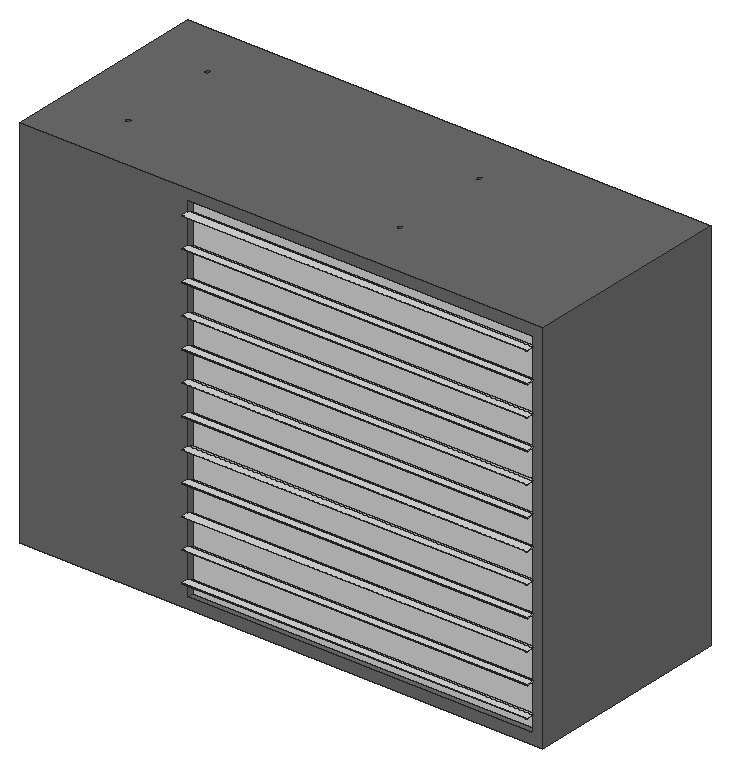
Revit family "Specialty_Equipment-Detroit_Radiant-Unit_Heater-FA_Series-rev", category Specialty Equipment, Revit 2023
Family settings
  Round Connector Dimension = Use Diameter
  Part Type = Normal
  OmniClass Number = 23.75.00.00
  OmniClass Title = Climate Control (HVAC)
  Work Plane-Based = No
  Enable Cutting in Views = No
  Always vertical = Yes
  Cut with Voids When Loaded = No
  Maintain Annotation Orientation = No
  Shared = No
  Room Calculation Point = No
Parameters (values of type "FA-300")
  URL = "https://www.reverberray.com/"
  Threaded Rod = no
  CD_Vent Diameter = CD_Vent Radius * 2  # 0' - 6"
  CD_Requested Rod Top Height = 1' - 0"
  CD_Threaded Rod Height Bottom = if(or([300], [400]), CD_Requested Rod Bottom Height, 0' 0")  # 0' - 0"
  CD_Requested Rod Bottom Height = 0' - 0"  # constant formula
  CD_Mounting Hole Spacing Width = if([100_125], 1' 7 1/8", if([150_200], 1' 7 1/8", if([225_250], 1' 7 1/8", if([300], 2' 2", 2' 5 77/128"))))  # 2' - 2"
  CD_Mounting Hole Spacing Depth = 0' - 9 1/2"  # constant formula
  CD_Mounting Hole Offset Side = 0' - 6.12208"
  CD_Louver W = CD_Heater Width - CD_Void Offset Left - CD_Void Offset Right  # 2' - 9"
  CD_Fan Depth = if([100_125], 0' 4 1/2", if([150_200], 0' 4 1/2", if([225_250], 0' 4 1/2", if([300], 0' 6.38", if([400], 0' 3.7", 8' 3")))))  # 0' - 6.38"
  400 = no
  300 = yes
  225_250 = no
  150_200 = no
  100_125 = no
  Type Comments = ""
  Model = "FA-300"
  Manufacturer = "Detroit Radiant Products Company"  # constant formula
  CD_Void Offset Right = if([100_125], 1' 0 1/2", if([150_200], 1' 0 1/2", if([225_250], 1' 0 1/2", if([300], 0' 1", if([400], 1' 4", 8' 3")))))  # 0' - 1"
  CD_Void Offset Left = if([100_125], 0' 1", if([150_200], 0' 1", if([225_250], 0' 1", if([300], 1' 4", if([400], 0' 1", 8' 3")))))  # 1' - 4"
  CD_Vent Radius = if([100_125], 0' 2", if([150_200], 0' 3", if([225_250], 0' 3", if([300], 0' 3", if([400], 0' 3", 0' 2")))))  # 0' - 3"
  CD_Number of Louvers = if([100_125], 7, if([150_200], 9, if([225_250], 9, if([300], 12, if([400], 15, 2)))))  # 12
  CD_Louver Spacing = (CD_Heater Height - 0' 4 1/2") / (CD_Number of Louvers - 1)  # 0' - 2.86364"
  CD_Gas Offset W = if([100_125], 0' 4.84", if([150_200], 0' 4.84", if([225_250], 0' 4.84", if([300], 3' 5.8", if([400], 0' 8 1/4", 8' 3")))))  # 3' - 5.8"
  Description = "Gas-Fired, Induced Draft, Hot Air Unit Heaters"  # constant formula
  Default Elevation = 18' - 0"
  CD_Heater Width = if([100_125], 3' 4", if([150_200], 3' 4", if([225_250], 3' 4", if([300], 4' 2", if([400], 4' 6", 8' 3")))))  # 4' - 2"
  CD_Vent Offset W = if([100_125], 0' 6.12", if([150_200], 0' 6.12", if([225_250], 0' 6.12", if([300], 3' 8 1/4", if([400], 0' 6.12", 8' 3")))))  # 3' - 8 1/4"
  CD_Vent Offset H = if([100_125], 0' 4.1", if([150_200], 0' 4.1", if([225_250], 0' 4.1", if([300], 2' 7 1/2", if([400], 0' 4.1", 8' 3")))))  # 2' - 7 1/2"
  CD_Gas Offset H = if([100_125], 1' 7.1", if([150_200], 2' 1", if([225_250], 0' 10.88", if([300], 1' 11 1/4", if([400], 1' 1.88", 8' 3")))))  # 1' - 11 1/4"
  CD_Fan Radius = if([100_125], 0' 9", if([150_200], 0' 11", if([225_250], 0' 11", if([300], 1' 1", if([400], 1' 3", 8' 3")))))  # 1' - 1"
  CD_Fan Offset W = if([100_125], 1' 1.1", if([150_200], 1' 1.1", if([225_250], 1' 1.1", if([300], 2' 8 1/2", if([400], 1' 7 1/4", 8' 3")))))  # 2' - 8 1/2"
  CD_Motor Depth = if([100_125], 0' 9.3", if([150_200], 0' 9.3", if([225_250], 0' 9.3", if([300], 1' 0", if([400], 0' 10 1/4", 8' 3")))))  # 1' - 0"
  CD_Unit Size = "Description of Product Sizing, set with equation if possible"
  CD_Product Page URL = "https://www.reverberray.com/products/commercial-industrial/unit-heaters/fa-series/"
  CD_Product Name = "Gas-Fired, Induced Draft, Hot Air Unit Heaters"  # constant formula
  CD_Product Documentation Link = "https://www.reverberray.com/wp-content/uploads/2016/05/LBFA_FA-Series-Unit-Heater-Brochure_11-13_r1.pdf"
  CD_Microsite = "https://www.caddetails.com/"
  CD_Install Documentation = "https://www.reverberray.com/wp-content/uploads/2016/05/liofa_00413.pdf"
  CD_Heater Height = if([100_125], 1' 9", if([150_200], 2' 3", if([225_250], 2' 6", if([300], 3' 0", if([400], 3' 8", 8' 3")))))  # 3' - 0"
  CD_Heater Depth = 1' - 8"  # constant formula
  CD_Gas Connector = "300,000 BTU"
  CD_Finish Component = Metal-Steel-Detroit_Radiant-Stainless
  CD_Finish = Metal-Steel-Detroit_Radiant-Coated_Aluminized_Steel
  CD_Created By = "CADdetails Ltd. 2024"  # constant formula
  Assembly Code = "D3020"
Types (9): name | Threaded Rod | CD_Vent Diameter | CD_Mounting Hole Spacing Width | CD_Louver W | CD_Fan Depth | 400 | 300 | 225_250 | 150_200 | 100_125 | Model | CD_Void Offset Right | CD_Void Offset Left | CD_Vent Radius | CD_Number of Louvers | CD_Louver Spacing | CD_Gas Offset W | Default Elevation | CD_Heater Width | CD_Vent Offset W | CD_Vent Offset H | CD_Gas Offset H | CD_Fan Radius | CD_Fan Offset W | CD_Motor Depth | CD_Heater Height | CD_Gas Connector
  FA-100 | no | 0' - 4" | 1' - 7 1/8" | 2' - 2 1/2" | 0' - 4 1/2" | no | no | no | no | yes | "FA-100" | 1' - 0 1/2" | 0' - 1" | 0' - 2" | 7 | 0' - 2 3/4" | 0' - 4.84" | 12' - 0" | 3' - 4" | 0' - 6.12" | 0' - 4.1" | 1' - 7.1" | 0' - 9" | 1' - 1.1" | 0' - 9.3" | 1' - 9" | "100,000 BTU"
  FA-125 | yes | 0' - 4" | 1' - 7 1/8" | 2' - 2 1/2" | 0' - 4 1/2" | no | no | no | no | yes | "FA-125" | 1' - 0 1/2" | 0' - 1" | 0' - 2" | 7 | 0' - 2 3/4" | 0' - 4.84" | 14' - 0" | 3' - 4" | 0' - 6.12" | 0' - 4.1" | 1' - 7.1" | 0' - 9" | 1' - 1.1" | 0' - 9.3" | 1' - 9" | "125,000 BTU"
  FA-150 | yes | 0' - 6" | 1' - 7 1/8" | 2' - 2 1/2" | 0' - 4 1/2" | no | no | no | yes | no | "FA-150" | 1' - 0 1/2" | 0' - 1" | 0' - 3" | 9 | 0' - 2 13/16" | 0' - 4.84" | 14' - 0" | 3' - 4" | 0' - 6.12" | 0' - 4.1" | 2' - 1" | 0' - 11" | 1' - 1.1" | 0' - 9.3" | 2' - 3" | "150,000 BTU"
  FA-175 | yes | 0' - 6" | 1' - 7 1/8" | 2' - 2 1/2" | 0' - 4 1/2" | no | no | no | yes | no | "FA-175" | 1' - 0 1/2" | 0' - 1" | 0' - 3" | 9 | 0' - 2 13/16" | 0' - 4.84" | 15' - 0" | 3' - 4" | 0' - 6.12" | 0' - 4.1" | 2' - 1" | 0' - 11" | 1' - 1.1" | 0' - 9.3" | 2' - 3" | "175,000 BTU"
  FA-200 | yes | 0' - 6" | 1' - 7 1/8" | 2' - 2 1/2" | 0' - 4 1/2" | no | no | no | yes | no | "FA-200" | 1' - 0 1/2" | 0' - 1" | 0' - 3" | 9 | 0' - 2 13/16" | 0' - 4.84" | 15' - 0" | 3' - 4" | 0' - 6.12" | 0' - 4.1" | 2' - 1" | 0' - 11" | 1' - 1.1" | 0' - 9.3" | 2' - 3" | "200,000 BTU"
  FA-225 | yes | 0' - 6" | 1' - 7 1/8" | 2' - 2 1/2" | 0' - 4 1/2" | no | no | yes | no | no | "FA-225" | 1' - 0 1/2" | 0' - 1" | 0' - 3" | 9 | 0' - 3 3/16" | 0' - 4.84" | 16' - 0" | 3' - 4" | 0' - 6.12" | 0' - 4.1" | 0' - 10.88" | 0' - 11" | 1' - 1.1" | 0' - 9.3" | 2' - 6" | "225,000 BTU"
  FA-250 | yes | 0' - 6" | 1' - 7 1/8" | 2' - 2 1/2" | 0' - 4 1/2" | no | no | yes | no | no | "FA-250" | 1' - 0 1/2" | 0' - 1" | 0' - 3" | 9 | 0' - 3 3/16" | 0' - 4.84" | 16' - 0" | 3' - 4" | 0' - 6.12" | 0' - 4.1" | 0' - 10.88" | 0' - 11" | 1' - 1.1" | 0' - 9.3" | 2' - 6" | "250,000 BTU"
  FA-300 | no | 0' - 6" | 2' - 2" | 2' - 9" | 0' - 6.38" | no | yes | no | no | no | "FA-300" | 0' - 1" | 1' - 4" | 0' - 3" | 12 | 0' - 2.86364" | 3' - 5.8" | 18' - 0" | 4' - 2" | 3' - 8 1/4" | 2' - 7 1/2" | 1' - 11 1/4" | 1' - 1" | 2' - 8 1/2" | 1' - 0" | 3' - 0" | "300,000 BTU"
  FA-400 | yes | 0' - 6" | 2' - 5 77/128" | 3' - 1" | 0' - 3.7" | yes | no | no | no | no | "FA-400" | 1' - 4" | 0' - 1" | 0' - 3" | 15 | 0' - 2.82143" | 0' - 8 1/4" | 20' - 0" | 4' - 6" | 0' - 6.12" | 0' - 4.1" | 1' - 1.88" | 1' - 3" | 1' - 7 1/4" | 0' - 10 1/4" | 3' - 8" | "400,000 BTU"
Reference planes (in)
  plane 1 "Center (Front/Back)": y = 0
  plane 2 "Bottom": z = 0
  plane 3 "Center (Left/Right)": x = 82
  plane 4 "Top Heater": z = 36
  plane 5 "Left": x = 57
  plane 6 "Right": x = 107
  plane 7 "Back": y = 10
  plane 8 "Front": y = -10
  plane 9 "Fan Offset H": z = 18
  plane 10 "Fan Offset W": x = 89.5
  plane 11 "Back Motor": y = 22
  plane 12 "Vent Offset W": x = 62.75
  plane 13 "Vent Offset H": z = 31.5
  plane 14 "Gas Offset W": x = 65.2
  plane 15 "Gas Offset H": z = 23.25
  plane 16 "Void Top": z = 35
  plane 17 "Void Bottom": z = 1
  plane 18 "Void Right": x = 106
  plane 19 "Void Left": x = 73
  plane 20 "Louver 1": z = 2.25
  plane 21 "Louver 2": z = 5.11364
  plane 22 "Back fan": y = 16.38
  plane 23: y = 4.75
  plane 24: y = -4.75
  plane 25: x = 63.12208
  plane 26: x = 89.12208
Forms (in)
  Extrusion 1, solid, material "Metal-Steel-Detroit_Radiant-Coated_Aluminized_Steel" <- "CD_Finish"
    sketch origin (0, 0, 0) x (1, 0, 0) y (0, 0, 1)
      loop
        line (57, 36) -> (57, 0.00796) -> (107, 0.00796) -> (107, 36) -> (57, 36)
    from -10 to 10
  Revolve 2, solid, material "Metal-Steel-Detroit_Radiant-Coated_Aluminized_Steel" <- "CD_Finish", detail levels medium+fine
    sketch origin (89.5, 0, 0) x (0, 0, 1) y (0, -1, 0)
      loop
        arc (20.06, -21.875) -> (20.19435, -21.81935) -> (20.25, -21.685) r 0.19
        line (20.25, -21.685) -> (20.25, -16.38) -> (29.85045, -16.38) -> (31, -10) -> (18, -10) -> (18, -22) -> (18.44, -22)
        arc (18.44, -22) -> (18.48243, -21.98243) -> (18.5, -21.94) r 0.06
        line (18.5, -21.94) -> (18.5, -21.875) -> (20.06, -21.875)
      axis (18, -10) -> (18, -22)
    angle from 0 to 360
  Revolve 3, solid, material "Metal-Steel-Detroit_Radiant-Coated_Aluminized_Steel" <- "CD_Finish"
    sketch origin (62.75, 0, 0) x (0, 0, 1) y (0, -1, 0)
      loop
        line (35.1, -10) -> (31.5, -10) -> (31.5, -11.5) -> (34.5, -11.5) -> (34.5, -10.0625) -> (35.1, -10.0625) -> (35.1, -10)
      axis (31.5, -10) -> (31.5, -11.5)
    angle from 0 to 360
  Revolve 4, solid, material "Metal-Steel-Detroit_Radiant-Coated_Aluminized_Steel" <- "CD_Finish", detail levels medium+fine
    sketch origin (65.2, 0, 0) x (0, 0, 1) y (0, -1, 0)
      loop
        line (23.75, -13) -> (23.75, -10) -> (23.25, -10) -> (23.25, -13) -> (23.75, -13)
      axis (23.25, -10) -> (23.25, -13)
    angle from 0 to 360
  Extrusion 5, void
    sketch origin (0, -10, 0) x (0, 0, 1) y (-1, 0, 0)
      loop
        line (1, -106) -> (35, -106) -> (35, -73) -> (1, -73) -> (1, -106)
    from 0 to -0.63
  Revolve 6, solid, material "Metal-Steel-Detroit_Radiant-Coated_Aluminized_Steel" <- "CD_Finish"
    sketch origin (94.37771, 0, 9.18105) x (0, 0, 1) y (0, -1, 0)
      loop
        line (14.2, -10) -> (11.6, -10) -> (11.6, -11.5) -> (13.6, -11.5) -> (13.6, -10.0625) -> (14.2, -10.0625) -> (14.2, -10)
      axis (11.6, -10) -> (11.6, -11.5)
    angle from 0 to 360
  Extrusion 7, void
    sketch origin (0, 0, 0) x (1, 0, 0) y (0, 1, 0)
      loop
        circle (63.12208, 4.75) r 0.19
      loop
        circle (63.12208, -4.75) r 0.19
      loop
        circle (89.12208, 4.75) r 0.19
      loop
        circle (89.12208, -4.75) r 0.19
    from 35.49891 to 36.96494
  Extrusion 8, solid, material "Metal-Steel-Detroit_Radiant-Stainless" <- "CD_Finish Component", visible <- "Threaded Rod"
    sketch origin (0, 0, 0) x (1, 0, 0) y (0, 1, 0)
      loop
        circle (63.12208, 4.75) r 0.19
      loop
        circle (63.12208, -4.75) r 0.19
      loop
        circle (89.12208, -4.75) r 0.19
      loop
        circle (89.12208, 4.75) r 0.19
    from 0 to 48
Cuts and joins
  Extrusion 5, Extrusion 7 cuts Extrusion 1
Dimensions and locks (in)
  "CD_Heater Height": plane 4 "Top Heater" to plane 2 "Bottom"
  equal spacing: plane 5 "Left", plane 3 "Center (Left/Right)", plane 6 "Right"
  "CD_Heater Width": plane 5 "Left" to plane 6 "Right"
  equal spacing: plane 8 "Front", plane 1 "Center (Front/Back)", plane 7 "Back"
  "CD_Heater Depth": plane 8 "Front" to plane 7 "Back"
  Extrusion 1 sketch curve to Extrusion 1 sketch curve to level = 2' - 11.99204", 0' - 0.00796" locked
  Extrusion 1 sketch curve to Extrusion 1 sketch curve to plane 5 "Left" = 4' - 2", 0' - 0" locked
  equal spacing: plane 4 "Top Heater", plane 9 "Fan Offset H", level
  "CD_Motor Depth": plane 7 "Back" to plane 11 "Back Motor"
  "CD_Vent Offset H": level to plane 13 "Vent Offset H"
  "CD_Vent Radius": Revolve 3 sketch curve to plane 13 "Vent Offset H"
  "CD_Gas Offset H": level to plane 15 "Gas Offset H"
  locked: Revolve 4 sketch curve to plane 15 "Gas Offset H" at 0.5
  locked: plane 7 "Back" to Revolve 4 sketch curve at 3
  locked: plane 4 "Top Heater" to plane 16 "Void Top" at 1
  locked: plane 17 "Void Bottom" to level at 1
  "CD_Void Offset Right": plane 6 "Right" to plane 18 "Void Right"
  "CD_Void Offset Left": plane 19 "Void Left" to plane 5 "Left"
  locked: plane 8 "Front" to cut or joined group of Extrusion 1, Extrusion 5, Extrusion 7 at 0.63
  "CD_Louver Spacing": plane 21 "Louver 2" to plane 20 "Louver 1"
  locked: plane 20 "Louver 1" to plane 17 "Void Bottom" at 1.25
  equal spacing: group 1, group 2, group 3, group 4, group 5, group 6, group 7, group 8, group 9, group 10, group 11, group 12  (x3)
  "CD_Fan Radius": Revolve 2 sketch curve to plane 9 "Fan Offset H"
  locked: Revolve 3 sketch curve to Revolve 3 sketch curve at 0.6
  locked: Revolve 3 sketch curve to Revolve 3 sketch curve at 1.4375
  locked: plane 7 "Back" to Revolve 3 sketch curve at 1.5
  "CD_Fan Depth": plane 7 "Back" to plane 22 "Back fan"
  locked: plane 9 "Fan Offset H" to Revolve 2 sketch curve at 2.25
  locked: Revolve 2 sketch curve to plane 11 "Back Motor" at 0.125
  Revolve 2 sketch curve to plane 9 "Fan Offset H" = 0' - 0 1/2"
  "CD_Vent Offset W": plane 6 "Right" to plane 12 "Vent Offset W"
  "CD_Gas Offset W": plane 6 "Right" to plane 14 "Gas Offset W"
  "CD_Fan Offset W": plane 10 "Fan Offset W" to plane 5 "Left"
  Revolve 6 sketch curve to Revolve 6 sketch curve to Revolve 6 sketch curve to plane 9 "Fan Offset H" = 0' - 0.6" locked, 0' - 2" locked, 0' - 2.78105" locked
  plane 7 "Back" to Revolve 6 sketch curve to Revolve 6 sketch curve = 0' - 0 1/16" locked, 0' - 1 7/16" locked
  "CD_Mounting Hole Spacing Width": plane 25 to plane 26
  "CD_Mounting Hole Spacing Depth": plane 23 to plane 24
  "CD_Mounting Hole Offset Side": plane 5 "Left" to plane 25
  equal spacing: plane 23, plane 1 "Center (Front/Back)", plane 24
  Extrusion 7 to plane 4 "Top Heater" to Extrusion 7 = 0' - 0.96494" locked, 0' - 0.50109" locked
  "CD_Threaded Rod Height Bottom": plane 2 "Bottom" to Extrusion 8
  "CD_Requested Rod Top Height": Extrusion 8 to plane 4 "Top Heater"
  locked: Extrusion 1 to Revolve 2 sketch curve (angle 79.786°)
  aligned and locked: level to plane 2 "Bottom"
  aligned and locked: plane 4 "Top Heater" to Extrusion 1
  aligned and locked: Revolve 2 sketch curve to plane 9 "Fan Offset H"
  aligned and locked: Revolve 2 sketch curve to plane 7 "Back"
  aligned and locked: plane 9 "Fan Offset H" to Revolve 2 sketch curve
  aligned and locked: Revolve 3 sketch curve to plane 13 "Vent Offset H"
  aligned and locked: Revolve 4 sketch curve to plane 7 "Back"
  aligned and locked: Revolve 4 sketch curve to plane 15 "Gas Offset H"
  aligned and locked: plane 15 "Gas Offset H" to Revolve 4 sketch curve
  aligned and locked: plane 13 "Vent Offset H" to Revolve 3 sketch curve
  aligned and locked: Extrusion 5 to plane 17 "Void Bottom"
  aligned and locked: plane 16 "Void Top" to Extrusion 5
  aligned and locked: plane 18 "Void Right" to Extrusion 5
  aligned and locked: Extrusion 5 to plane 19 "Void Left"
  aligned and locked: plane 20 "Louver 1" to nested 1
  aligned and locked: nested 1 to plane 8 "Front"
  aligned and locked: plane 8 "Front" to cut or joined group of Extrusion 1, Extrusion 5, Extrusion 7
  aligned and locked: plane 21 "Louver 2" to nested 2
  aligned and locked: nested 2 to plane 8 "Front"
  aligned and locked: plane 7 "Back" to Revolve 3 sketch curve
  aligned and locked: cut or joined group of Extrusion 1, Extrusion 5, Extrusion 7 to plane 7 "Back"
  aligned and locked: plane 6 "Right" to Extrusion 1
  aligned and locked: plane 22 "Back fan" to Revolve 2 sketch curve
  aligned and locked: Revolve 2 sketch curve to plane 11 "Back Motor"
  aligned and locked: nested 1 to plane 19 "Void Left"
  aligned and locked: nested 2 to plane 19 "Void Left"
  aligned and locked: Revolve 6 sketch curve to plane 7 "Back"
  aligned and locked: plane 25 to Extrusion 7 sketch curve
  aligned and locked: plane 23 to Extrusion 7 sketch curve  (x2)
  aligned and locked: plane 24 to Extrusion 7 sketch curve  (x2)
  aligned and locked: plane 26 to Extrusion 7 sketch curve  (x2)
  aligned and locked: Extrusion 8 sketch curve to cut or joined group of Extrusion 1, Extrusion 5, Extrusion 7  (x8)
Automatic sketch dimensions
  Revolve 2 sketch curve to Revolve 2 sketch curve = 0' - 0.06"
  Revolve 2 sketch curve to Revolve 2 sketch curve = 0' - 0.19"
  Revolve 2 sketch curve to Revolve 2 sketch curve = 5' - 7 137/256"
  plane 8 "Front" to Revolve 2 sketch curve = 7' - 8.08824"
  Revolve 3 sketch curve to plane 11 "Back Motor" = 5' - 7 137/256"
  plane 8 "Front" to Revolve 3 sketch curve = 7' - 8.08824"
  Revolve 4 sketch curve to plane 11 "Back Motor" = 5' - 7 137/256"
  plane 8 "Front" to Revolve 4 sketch curve = 7' - 8.08824"
  Extrusion 5 sketch curve to plane 17 "Void Bottom" = 0' - 0"
  Extrusion 5 sketch curve to plane 16 "Void Top" = 0' - 0"
  Extrusion 5 sketch curve to plane 18 "Void Right" = 0' - 0"
  Extrusion 5 sketch curve to plane 19 "Void Left" = 0' - 0"
  plane 9 "Fan Offset H" to Revolve 6 sketch curve = 0' - 2.78105"
  Revolve 6 sketch curve to plane 11 "Back Motor" = 5' - 7 137/256"
  plane 8 "Front" to Revolve 6 sketch curve = 7' - 8.08824"
  Extrusion 7 sketch curve to plane 25 = 0' - 0"
  radius of Extrusion 7 sketch curve = 0' - 0.19"  (x4)
Nested families (in)
  nested 1: "Specialty_Equipment-Detroit_Radiant-Unit_Heater-UH_Series_Louver" at (77, -10, 2.25) x (-1, 0, 0) z (0, 0, 1), Material <- "CD_Finish Component", W <- "CD_Louver W", type "Specialty_Equipment-Detroit_Radiant-Unit_Heater-UH_Series_Louver", detail levels fine
    with W 2' - 9", Material Metal-Steel-Detroit_Radiant-Stainless
  nested 2: "Specialty_Equipment-Detroit_Radiant-Unit_Heater-UH_Series_Louver" at (77, -10, 5.11364) x (-1, 0, 0) z (0, 0, 1), Material <- "CD_Finish Component", W <- "CD_Louver W", type "Specialty_Equipment-Detroit_Radiant-Unit_Heater-UH_Series_Louver", detail levels fine
    with W 2' - 9", Material Metal-Steel-Detroit_Radiant-Stainless
  nested 3: "Specialty_Equipment-Detroit_Radiant-Unit_Heater-UH_Series_Louver" at (77, -10, 7.97727) x (-1, 0, 0) z (0, 0, 1), Material <- "CD_Finish Component", W <- "CD_Louver W", type "Specialty_Equipment-Detroit_Radiant-Unit_Heater-UH_Series_Louver", detail levels fine
    with W 2' - 9", Material Metal-Steel-Detroit_Radiant-Stainless
  nested 4: "Specialty_Equipment-Detroit_Radiant-Unit_Heater-UH_Series_Louver" at (77, -10, 10.84091) x (-1, 0, 0) z (0, 0, 1), Material <- "CD_Finish Component", W <- "CD_Louver W", type "Specialty_Equipment-Detroit_Radiant-Unit_Heater-UH_Series_Louver", detail levels fine
    with W 2' - 9", Material Metal-Steel-Detroit_Radiant-Stainless
  nested 5: "Specialty_Equipment-Detroit_Radiant-Unit_Heater-UH_Series_Louver" at (77, -10, 13.70455) x (-1, 0, 0) z (0, 0, 1), Material <- "CD_Finish Component", W <- "CD_Louver W", type "Specialty_Equipment-Detroit_Radiant-Unit_Heater-UH_Series_Louver", detail levels fine
    with W 2' - 9", Material Metal-Steel-Detroit_Radiant-Stainless
  nested 6: "Specialty_Equipment-Detroit_Radiant-Unit_Heater-UH_Series_Louver" at (77, -10, 16.56818) x (-1, 0, 0) z (0, 0, 1), Material <- "CD_Finish Component", W <- "CD_Louver W", type "Specialty_Equipment-Detroit_Radiant-Unit_Heater-UH_Series_Louver", detail levels fine
    with W 2' - 9", Material Metal-Steel-Detroit_Radiant-Stainless
  nested 7: "Specialty_Equipment-Detroit_Radiant-Unit_Heater-UH_Series_Louver" at (77, -10, 19.43182) x (-1, 0, 0) z (0, 0, 1), Material <- "CD_Finish Component", W <- "CD_Louver W", type "Specialty_Equipment-Detroit_Radiant-Unit_Heater-UH_Series_Louver", detail levels fine
    with W 2' - 9", Material Metal-Steel-Detroit_Radiant-Stainless
  nested 8: "Specialty_Equipment-Detroit_Radiant-Unit_Heater-UH_Series_Louver" at (77, -10, 22.29545) x (-1, 0, 0) z (0, 0, 1), Material <- "CD_Finish Component", W <- "CD_Louver W", type "Specialty_Equipment-Detroit_Radiant-Unit_Heater-UH_Series_Louver", detail levels fine
    with W 2' - 9", Material Metal-Steel-Detroit_Radiant-Stainless
  nested 9: "Specialty_Equipment-Detroit_Radiant-Unit_Heater-UH_Series_Louver" at (77, -10, 25.15909) x (-1, 0, 0) z (0, 0, 1), Material <- "CD_Finish Component", W <- "CD_Louver W", type "Specialty_Equipment-Detroit_Radiant-Unit_Heater-UH_Series_Louver", detail levels fine
    with W 2' - 9", Material Metal-Steel-Detroit_Radiant-Stainless
  nested 10: "Specialty_Equipment-Detroit_Radiant-Unit_Heater-UH_Series_Louver" at (77, -10, 28.02273) x (-1, 0, 0) z (0, 0, 1), Material <- "CD_Finish Component", W <- "CD_Louver W", type "Specialty_Equipment-Detroit_Radiant-Unit_Heater-UH_Series_Louver", detail levels fine
    with W 2' - 9", Material Metal-Steel-Detroit_Radiant-Stainless
  nested 11: "Specialty_Equipment-Detroit_Radiant-Unit_Heater-UH_Series_Louver" at (77, -10, 30.88636) x (-1, 0, 0) z (0, 0, 1), Material <- "CD_Finish Component", W <- "CD_Louver W", type "Specialty_Equipment-Detroit_Radiant-Unit_Heater-UH_Series_Louver", detail levels fine
    with W 2' - 9", Material Metal-Steel-Detroit_Radiant-Stainless
  nested 12: "Specialty_Equipment-Detroit_Radiant-Unit_Heater-UH_Series_Louver" at (77, -10, 33.75) x (-1, 0, 0) z (0, 0, 1), Material <- "CD_Finish Component", W <- "CD_Louver W", type "Specialty_Equipment-Detroit_Radiant-Unit_Heater-UH_Series_Louver", detail levels fine
    with W 2' - 9", Material Metal-Steel-Detroit_Radiant-Stainless
Connectors (in)
  hvac at (89.5, 16.38, 18)
    settings: on Revolve 2, index 1, duct flow 0 CFM, flow factor 0, pres drop 0.00 in-wg, loss coef 0, conn angle 0.00°, conn width 12", conn height 12", conn diameter 4", duct sys type 1, conn prof type 0, flow config 0, flow direction 1, loss method 0, conn ref index -1, conn util no, is conn primary yes, conn desc ""
  piping at (65.2, 13, 23.25), diameter 1, driven by "CD_Gas Connector"
    settings: on Revolve 4, index 2, connector inside diameter 24", connector length 0' - 0", flow factor 0, pipe flow 0 GPM, pressure drop 0.00 psi, fitting loss kfactor 0, connector angle 0.00°, fixture units 0, engagement length 0' - 0", angle of deflection 0.00°, flow configuration 0, flow direction 0, fitting loss method 0, system type 22, joint type 0, gender type 0, connector reference index -1, connector utility 0, adjustable connector no, is connector primary yes, connector description "300,000 BTU"
  hvac at (62.75, 11.5, 31.5), driven by "CD_Vent Diameter"
    settings: on Revolve 3, index 3, duct flow 0 CFM, flow factor 0, pres drop 0.00 in-wg, loss coef 0, conn angle 0.00°, conn width 1", conn height 1", conn diameter 6", duct sys type 3, conn prof type 0, flow config 0, flow direction 0, loss method 0, conn ref index -1, conn util no, is conn primary no, conn desc ""
  piping at (65.2, 13, 23.25), diameter 1, driven by "CD_Gas Connector"
    settings: on Revolve 4, index 4, connector inside diameter 24", connector length 0' - 0", flow factor 0, pipe flow 0 GPM, pressure drop 0.00 psi, fitting loss kfactor 0, connector angle 0.00°, fixture units 0, engagement length 0' - 0", angle of deflection 0.00°, flow configuration 0, flow direction 0, fitting loss method 0, system type 22, joint type 0, gender type 0, connector reference index -1, connector utility 0, adjustable connector no, is connector primary no, connector description "300,000 BTU"
  piping at (65.2, 13, 23.25), diameter 1, driven by "CD_Gas Connector"
    settings: on Revolve 4, index 5, connector inside diameter 24", connector length 0' - 0", flow factor 0, pipe flow 0 GPM, pressure drop 0.00 psi, fitting loss kfactor 0, connector angle 0.00°, fixture units 0, engagement length 0' - 0", angle of deflection 0.00°, flow configuration 0, flow direction 0, fitting loss method 0, system type 22, joint type 0, gender type 0, connector reference index -1, connector utility 0, adjustable connector no, is connector primary no, connector description "300,000 BTU"
Definition of nested family "Specialty_Equipment-Detroit_Radiant-Unit_Heater-UH_Series_Louver"
  Parameters (values of type "Specialty_Equipment-Detroit_Radiant-Unit_Heater-UH_Series_Louver")
    W [instance] = 1' - 3 1/4"
    Material [instance] = none
    Default Elevation = 0' - 0"
  Reference planes (in)
    plane 1 "Center (Front/Back)": y = 0
    plane 2: z = 0
    plane 3 "Right": x = -13.75
    plane 4 "Left": x = -29
  Forms (in)
    Extrusion 1, solid, material <- "Material"
      sketch origin (-13.75, 0, 0) x (0, 1, 0) y (0, 0, 1)
        loop
          line (0, 0.30367) -> (-0.625, 0.034) -> (-0.61033, 0) -> (0, 0.26334) -> (0.61992, 0.18399) -> (0.625, 0.22367) -> (0, 0.30367)
      from -15.25 to 0
  Dimensions and locks (in)
    "W": plane 4 "Left" to plane 3 "Right"
    aligned and locked: level to plane 2
    aligned and locked: Extrusion 1 to plane 4 "Left"
    aligned and locked: plane 3 "Right" to Extrusion 1
  Automatic sketch dimensions
    Extrusion 1 sketch curve to plane 1 "Center (Front/Back)" = 0' - 0"  (x2)
    level to Extrusion 1 sketch curve = 0' - 0"
    plane 1 "Center (Front/Back)" to Extrusion 1 sketch curve = 0' - 0.61033"
    level to Extrusion 1 sketch curve = 0' - 0.034"
    Extrusion 1 sketch curve to Extrusion 1 sketch curve = 0' - 0.01467"
    level to Extrusion 1 sketch curve = 0' - 0.18399"
    Extrusion 1 sketch curve to Extrusion 1 sketch curve = 0' - 0.00508"
